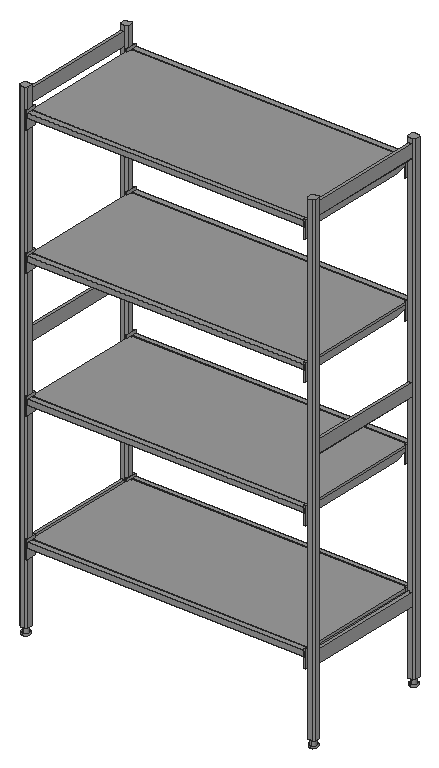
Revit family "QF_ELECTROLUXPROFESSIONAL_137033_BLS1038", category Attrezzature speciali, Revit 2020
Family settings
  Quota connettore circolare = Usa diametro
  Tipo di parte = Normale
  Basato su piano di lavoro = No
  Sempre verticale = Sì
  Taglio con vuoti quando caricato = No
  Condiviso = No
  Punto di calcolo locali = No
Parameters (values of type "Standard")
  Weight = 21.00 kg
  Watts = 0 W
  Volts = 0 V
  URL Manufacturer = "https://www.electroluxprofessional.com/"
  URL = "https://www.electroluxprofessional.com/"
  Steam Supply Size = 0 mm
  Steam Supply Minimum Pressure = 0.0 Pa
  Steam Supply Maximum Pressure = 0.0 Pa
  Steam Consumption per Hour = 0
  Refrigeration Suction Line Size = 0.0 mm
  Refrigeration Liquid Line Size = 0.0 mm
  Refrigerant Compressor Remote = yes
  Prospetto di default = 0.0 mm
  Phase = 0
  Modello = "BLS1038"
  Produttore = "Electrolux Professional"
  Length Actual = 1037.0 mm  # constant formula
  Item Number = "137033"
  Hot Water Size = 0 mm
  Height Actual = 1700.0 mm  # constant formula
  HP = "0 HP"
  Gas Size = 0 mm
  Gas KW = 0
  Gas Input Pressure = 0 W
  Direct Waste Size = 0 mm
  Descrizione = "ALUM.LINEAR SHELV.-POLY.TIERS-475X1037MM"
  Depth Actual = 475.0 mm  # constant formula
  Cycle = 0 Hz
  Condensate Return Size = 0 mm
  Compressed Air Volume = 0.0 L/s
  Compressed Air Size = 0 mm
  Compressed Air Pressure = 0.0 Pa
  Cold Water Size = 0 mm
  Accessory = yes
Reference planes
  plane 1: z = 0
  plane 2 "Center (Left/Right)": x = -31
  plane 3 "LEFT": x = -549.5
  plane 4 "RIGHT": x = 487.5
  plane 5 "BACK": y = 23
  plane 6 "FRONT": y = -452
  plane 7 "TOP": z = 1700
  plane 8: x = 482.5
  plane 9: x = -518
  plane 10: x = 456
  plane 11 "Center (Front/Back)": y = -214.5
  plane 12: x = 451
  plane 13: y = -8.5
  plane 14: y = -420.5
  plane 15 "FEET": z = 25
  plane 16: z = 275
  plane 17: z = 725
  plane 18: z = 1175
  plane 19: z = 1625
  plane 20 "CXLeft": x = -535.5
  plane 21 "CXRight": x = 473.5
  plane 22: y = 5.5
  plane 23 "CYBack": y = 5.5
  plane 24 "CYFront": y = -434.5
Forms (mm)
  Extrusion 1, solid, material "QF_Aluminum"
    sketch origin (-549.5, 0, 0) x (0, 1, 0) y (0, 0, 1)
      loop
        line (4, 1650.994) -> (4, 1632.998) -> (23, 1632.998) -> (23, 1650.994) -> (4, 1650.994)
      loop
        line (-433, 1650.994) -> (-452, 1650.994) -> (-452, 1632.998) -> (-433, 1632.998) -> (-433, 1650.994)
      loop
        line (4, 1200.994) -> (4, 1182.998) -> (23, 1182.998) -> (23, 1200.994) -> (4, 1200.994)
      loop
        line (-433, 1200.994) -> (-452, 1200.994) -> (-452, 1182.998) -> (-433, 1182.998) -> (-433, 1200.994)
      loop
        line (4, 750.994) -> (4, 732.998) -> (23, 732.998) -> (23, 750.994) -> (4, 750.994)
      loop
        line (-433, 750.994) -> (-452, 750.994) -> (-452, 732.998) -> (-433, 732.998) -> (-433, 750.994)
      loop
        line (4, 300.994) -> (4, 282.998) -> (23, 282.998) -> (23, 300.994) -> (4, 300.994)
      loop
        line (-433, 300.994) -> (-452, 300.994) -> (-452, 282.998) -> (-433, 282.998) -> (-433, 300.994)
    from 31.5 to 1005.5
  Extrusion 2, solid, material "QF_Polyethylene"
    sketch origin (-549.5, 0, 0) x (0, 1, 0) y (0, 0, 1)
      loop
        line (2.007, 1650.994) -> (-431, 1650.994) -> (-431, 1644.496) -> (2.007, 1644.496) -> (2.007, 1650.994)
      loop
        line (2.007, 1200.994) -> (-431, 1200.994) -> (-431, 1194.496) -> (2.007, 1194.496) -> (2.007, 1200.994)
      loop
        line (2.007, 750.994) -> (-431, 750.994) -> (-431, 744.496) -> (2.007, 744.496) -> (2.007, 750.994)
      loop
        line (2.007, 300.994) -> (-431, 300.994) -> (-431, 294.496) -> (2.007, 294.496) -> (2.007, 300.994)
    from 31.5 to 1005.5
  Extrusion 3, solid, material "QF_Aluminum"
    sketch origin (487.5, 0, 0) x (0, 1, 0) y (0, 0, 1)
      loop
        line (-12, 1632.998) -> (4, 1632.998) -> (4, 1650.994) -> (2.007, 1650.994) -> (2.007, 1644.496) -> (-431, 1644.496) -> (-431, 1650.994) -> (-433, 1650.994) -> (-433, 1632.998) -> (-417, 1632.998) -> (-383, 1620.994) -> (-46, 1620.994) -> (-12, 1632.998)
      loop
        line (-12, 1182.998) -> (4, 1182.998) -> (4, 1200.994) -> (2.007, 1200.994) -> (2.007, 1194.496) -> (-431, 1194.496) -> (-431, 1200.994) -> (-433, 1200.994) -> (-433, 1182.998) -> (-417, 1182.998) -> (-383, 1170.994) -> (-46, 1170.994) -> (-12, 1182.998)
      loop
        line (-12, 732.998) -> (4, 732.998) -> (4, 750.994) -> (2.007, 750.994) -> (2.007, 744.496) -> (-431, 744.496) -> (-431, 750.994) -> (-433, 750.994) -> (-433, 732.998) -> (-417, 732.998) -> (-383, 720.994) -> (-46, 720.994) -> (-12, 732.998)
      loop
        line (-12, 282.998) -> (4, 282.998) -> (4, 300.994) -> (2.007, 300.994) -> (2.007, 294.496) -> (-431, 294.496) -> (-431, 300.994) -> (-433, 300.994) -> (-433, 282.998) -> (-417, 282.998) -> (-383, 270.994) -> (-46, 270.994) -> (-12, 282.998)
    from -31.5 to -36.5
Lines and regions (mm)
  symbolic lines
    curve 1: line (456, 4, 1700) -> (-518, 4, 1700)
    curve 2: line (-522, 23, 1700) -> (460, 23, 1700)
    curve 3: line (460, 13.246, 1700) -> (466.254, 19.5, 1700)
    curve 4: line (466.254, -8.5, 1700) -> (460, -2.246, 1700)
    curve 5: line (466.254, -420.5, 1700) -> (460, -426.754, 1700)
    curve 6: line (-522, -452, 1700) -> (460, -452, 1700)
    curve 7: line (460, 23, 1700) -> (460, -12.993, 1700)
    curve 8: line (460, -12.993, 1700) -> (456, -12.993, 1700)
    curve 9: line (460, -452, 1700) -> (460, -416.007, 1700)
    curve 10: line (460, -416.007, 1700) -> (456, -416.007, 1700)
    curve 11: line (-518, -12.993, 1700) -> (-518, -416.007, 1700)
    curve 12: line (-518, -433, 1700) -> (456, -433, 1700)
    curve 13: line (456, -12.993, 1700) -> (456, -416.007, 1700)
Dimensions and locks
  locked: plane 3 "LEFT" to plane 4 "RIGHT" at 1037
  equal spacing: plane 3 "LEFT", plane 2 "Center (Left/Right)", plane 4 "RIGHT"
  locked: plane 7 "TOP" to level at 1700
  locked: plane 5 "BACK" to plane 6 "FRONT" at 475
  locked: plane 4 "RIGHT" to plane 8 at 5
  locked: plane 9 to plane 10 at 974
  locked: plane 3 "LEFT" to plane 9 at 31.5
  plane 12 to plane 10 = 5.0 mm
  locked: plane 13 to plane 14 at 412
  equal spacing: plane 13, plane 11 "Center (Front/Back)", plane 14
  equal spacing: plane 5 "BACK", plane 11 "Center (Front/Back)", plane 6 "FRONT"
  plane 15 "FEET" to level = 25.0 mm
  plane 7 "TOP" to plane 15 "FEET" = 1675.0 mm
  plane 16 to plane 15 "FEET" = 250.0 mm
  plane 17 to plane 16 = 450.0 mm
  plane 18 to plane 17 = 450.0 mm
  plane 19 to plane 18 = 450.0 mm
  locked: plane 3 "LEFT" to plane 20 "CXLeft" at 14
  locked: plane 21 "CXRight" to plane 4 "RIGHT" at 14
  locked: plane 5 "BACK" to plane 23 "CYBack" at 17.5
  locked: plane 24 "CYFront" to plane 6 "FRONT" at 17.5
  aligned and locked: level to plane 1
  aligned and locked: plane 9 to Extrusion 2
  aligned and locked: Extrusion 2 to plane 10
  aligned and locked: plane 9 to Extrusion 1
  aligned and locked: Extrusion 1 to plane 10
  aligned and locked: Extrusion 1 sketch curve to Extrusion 1 sketch curve  (x2)
  aligned and locked: Extrusion 3 sketch curve to Extrusion 3 sketch curve  (x3)
  aligned and locked: Extrusion 3 to plane 12
  aligned and locked: Extrusion 3 to plane 10
  aligned and locked: nested 1 to plane 20 "CXLeft"
  aligned and locked: nested 2 to plane 21 "CXRight"
Automatic sketch dimensions
  Extrusion 1 sketch curve to plane 6 "FRONT" = 0.0 mm  (x4)
  Extrusion 1 sketch curve to plane 5 "BACK" = 0.0 mm  (x4)
  plane 24 "CYFront" to Extrusion 1 sketch curve = 1.5 mm  (x2)
  plane 22 to Extrusion 1 sketch curve = 1.5 mm  (x4)
  plane 16 to Extrusion 1 sketch curve = 7.998 mm  (x2)
  Extrusion 1 sketch curve to Extrusion 1 sketch curve = 17.997 mm  (x8)
  plane 17 to Extrusion 1 sketch curve = 7.998 mm  (x2)
  plane 18 to Extrusion 1 sketch curve = 7.998 mm  (x2)
  plane 19 to Extrusion 1 sketch curve = 7.998 mm  (x2)
  plane 24 "CYFront" to Extrusion 2 sketch curve = 3.5 mm  (x4)
  plane 22 to Extrusion 2 sketch curve = 3.493 mm  (x4)
  plane 16 to Extrusion 2 sketch curve = 19.496 mm
  Extrusion 2 sketch curve to Extrusion 2 sketch curve = 6.499 mm  (x4)
  plane 17 to Extrusion 2 sketch curve = 19.496 mm
  plane 18 to Extrusion 2 sketch curve = 19.496 mm
  plane 19 to Extrusion 2 sketch curve = 19.496 mm
  plane 24 "CYFront" to Extrusion 3 sketch curve = 1.5 mm  (x4)
  Extrusion 3 sketch curve to Extrusion 3 sketch curve = 2.0 mm
  plane 14 to Extrusion 3 sketch curve = 3.5 mm  (x4)
  Extrusion 3 sketch curve to plane 16 = 4.006 mm
  Extrusion 3 sketch curve to Extrusion 3 sketch curve = 34.0 mm  (x4)
  Extrusion 3 sketch curve to plane 17 = 4.006 mm
  Extrusion 3 sketch curve to plane 18 = 4.006 mm
  Extrusion 3 sketch curve to plane 19 = 4.006 mm
  Extrusion 3 sketch curve to plane 13 = 37.5 mm  (x4)
  Extrusion 3 sketch curve to plane 13 = 3.5 mm  (x4)
  plane 22 to Extrusion 3 sketch curve = 3.493 mm  (x4)
  plane 22 to Extrusion 3 sketch curve = 1.5 mm  (x4)
  plane 16 to Extrusion 3 sketch curve = 7.998 mm  (x2)
  Extrusion 3 sketch curve to Extrusion 3 sketch curve = 11.498 mm  (x4)
  Extrusion 3 sketch curve to Extrusion 3 sketch curve = 6.499 mm  (x8)
  plane 17 to Extrusion 3 sketch curve = 7.998 mm  (x2)
  plane 18 to Extrusion 3 sketch curve = 7.998 mm  (x2)
  plane 19 to Extrusion 3 sketch curve = 7.998 mm  (x2)
  curve 6 to plane 6 "FRONT" = 0.0 mm
  curve 12 to plane 9 = 0.0 mm
  curve 12 to plane 10 = 0.0 mm
  curve 5 to plane 14 = 0.0 mm
  curve 11 to plane 9 = 0.0 mm
  curve 8 to plane 10 = 0.0 mm
  curve 4 to plane 13 = 0.0 mm
  curve 1 to plane 9 = 0.0 mm
  curve 1 to plane 10 = 0.0 mm
  curve 2 to plane 5 "BACK" = 0.0 mm
  plane 14 to curve 10 = 4.493 mm
  curve 7 to plane 13 = 4.493 mm
  curve 10 to plane 10 = 4.0 mm
  curve 7 to plane 10 = 4.0 mm
  plane 24 "CYFront" to curve 12 = 1.5 mm
  curve 5 to plane 14 = 6.254 mm
  plane 14 to curve 11 = 4.493 mm
  curve 11 to plane 13 = 4.493 mm
  plane 13 to curve 4 = 6.254 mm
  plane 22 to curve 1 = 1.5 mm
  curve 3 to plane 22 = 7.746 mm
  curve 3 to plane 5 "BACK" = 3.5 mm
  curve 5 to curve 9 = 6.254 mm
  curve 3 to curve 2 = 6.254 mm
  curve 4 to curve 7 = 6.254 mm
  plane 9 to curve 2 = 4.0 mm
  plane 9 to curve 6 = 4.0 mm
Nested families
  nested 1: "WT_Anta475" at (-132.5, 0, 0), type "WT_Anta475"
  nested 2: "WT_Anta475" at (70.5, 0, 0) x (-1, 0, 0) z (0, 0, 1), type "WT_Anta475"
Definition of nested family "WT_Anta475"
  Parameters
    WidthLeft = A + 64.0 mm  # 772.0 mm
    Width = 1606.0 mm
    Right = WidthLeft / 2  # 386.0 mm
    Default Elevation = 0.0 mm
    Left = -WidthLeft / 2  # -386.0 mm
    Height = 1725.0 mm
    FEET = 25.0 mm
    E = 0.0 mm
    Dint = Depth - 63.0 mm  # 412.0 mm
    Dext = Depth - 8.0 mm  # 467.0 mm
    Depth = 475.0 mm
    DX = (WidthLeft - A) / 2  # 32.0 mm
    B = 798.0 mm
    A = 708.0 mm
  Reference planes
    plane 1: z = 0
    plane 2 "LEFT": x = -417
    plane 3 "BACK": y = 23
    plane 4 "FRONT": y = -452
    plane 5 "TOP": z = 1725
    plane 6 "Center (Front/Back)": y = -214.5
    plane 7: y = -8.5
    plane 8: y = -420.5
    plane 9 "FEET": z = 25
    plane 10: z = 275
    plane 11: z = 725
    plane 12: z = 1175
    plane 13: z = 1625
    plane 14 "CXLeft": x = -403
    plane 15: y = 5.5
    plane 16 "CYBack": y = 5.5
    plane 17 "CYFront": y = -434.5
    plane 18: x = -385.031
    plane 19: x = -380.031
  Forms (mm)
    Extrusion 1, solid
      sketch origin (0, 0, 0) x (1, 0, 0) y (0, 1, 0)
        loop
          line (-417, 13.246) -> (-417, -2.246) -> (-410.746, -8.5) -> (-395.254, -8.5) -> (-389, -2.246) -> (-389, 13.246) -> (-395.254, 19.5) -> (-410.746, 19.5) -> (-417, 13.246)
      from 1725 to 25
    Extrusion 2, solid
      sketch origin (-417, 0, 0) x (0, 1, 0) y (0, 0, 1)
        loop
          line (23, 246.005) -> (23, 307.993) -> (-12.993, 307.993) -> (-12.993, 246.005) -> (23, 246.005)
        loop
          line (-452, 246.005) -> (-416.007, 246.005) -> (-416.007, 307.993) -> (-452, 307.993) -> (-452, 246.005)
        loop
          line (23, 696.005) -> (23, 757.993) -> (-12.993, 757.993) -> (-12.993, 696.005) -> (23, 696.005)
        loop
          line (-452, 696.005) -> (-416.007, 696.005) -> (-416.007, 757.993) -> (-452, 757.993) -> (-452, 696.005)
        loop
          line (23, 1146.005) -> (23, 1207.993) -> (-12.993, 1207.993) -> (-12.993, 1146.005) -> (23, 1146.005)
        loop
          line (-452, 1146.005) -> (-416.007, 1146.005) -> (-416.007, 1207.993) -> (-452, 1207.993) -> (-452, 1146.005)
        loop
          line (23, 1596.005) -> (23, 1657.993) -> (-12.993, 1657.993) -> (-12.993, 1596.005) -> (23, 1596.005)
        loop
          line (-452, 1596.005) -> (-416.007, 1596.005) -> (-416.007, 1657.993) -> (-452, 1657.993) -> (-452, 1596.005)
      from 28 to 32
    Revolve 3, solid
      sketch origin (-403, 0, 0) x (0, 1, 0) y (0, 0, 1)
        loop
          line (5.5, 25) -> (5.5, 0) -> (19, 0) -> (19, 5) -> (14, 5) -> (14, 25) -> (5.5, 25)
        axis (5.5, 25) -> (5.5, 0)
      angle from 0 to 360
    Extrusion 4, solid
      sketch origin (-403, 0, 0) x (0, 1, 0) y (0, 0, 1)
        loop
          line (-8.5, 912.382) -> (-8.5, 957.374) -> (-420.5, 957.374) -> (-420.5, 912.382) -> (-8.5, 912.382)
        loop
          line (-8.5, 1662.244) -> (-8.5, 1707.236) -> (-420.5, 1707.236) -> (-420.5, 1662.244) -> (-8.5, 1662.244)
      from -5 to 5
    Revolve 5, solid
      sketch origin (-403, -627, 0) x (0, -1, 0) y (0, 0, 1)
        loop
          line (-192.5, 25) -> (-192.5, 0) -> (-179, 0) -> (-179, 5) -> (-184, 5) -> (-184, 25) -> (-192.5, 25)
        axis (-192.5, 25) -> (-192.5, 0)
      angle from 0 to 360
    Extrusion 6, solid
      sketch origin (0, -627, 0) x (1, 0, 0) y (0, 1, 0)
        loop
          line (-417, 184.754) -> (-410.746, 178.5) -> (-395.254, 178.5) -> (-389, 184.754) -> (-389, 200.246) -> (-395.254, 206.5) -> (-410.746, 206.5) -> (-417, 200.246) -> (-417, 184.754)
      from 1725 to 25
    Extrusion 7, solid
      sketch origin (-417.031, -0.022, 0) x (0, 1, 0) y (0, 0, -1)
        loop
          line (-12, -1632.998) -> (-46, -1620.994) -> (-383, -1620.994) -> (-417, -1632.998) -> (-433, -1632.998) -> (-433, -1650.994) -> (-431, -1650.994) -> (-431, -1644.496) -> (2.007, -1644.496) -> (2.007, -1650.994) -> (4, -1650.994) -> (4, -1632.998) -> (-12, -1632.998)
        loop
          line (-12, -1182.998) -> (-46, -1170.994) -> (-383, -1170.994) -> (-417, -1182.998) -> (-433, -1182.998) -> (-433, -1200.994) -> (-431, -1200.994) -> (-431, -1194.496) -> (2.007, -1194.496) -> (2.007, -1200.994) -> (4, -1200.994) -> (4, -1182.998) -> (-12, -1182.998)
        loop
          line (-12, -732.998) -> (-46, -720.994) -> (-383, -720.994) -> (-417, -732.998) -> (-433, -732.998) -> (-433, -750.994) -> (-431, -750.994) -> (-431, -744.496) -> (2.007, -744.496) -> (2.007, -750.994) -> (4, -750.994) -> (4, -732.998) -> (-12, -732.998)
        loop
          line (-12, -282.998) -> (-46, -270.994) -> (-383, -270.994) -> (-417, -282.998) -> (-433, -282.998) -> (-433, -300.994) -> (-431, -300.994) -> (-431, -294.496) -> (2.007, -294.496) -> (2.007, -300.994) -> (4, -300.994) -> (4, -282.998) -> (-12, -282.998)
      from -32 to -37
    Extrusion 8, solid
      sketch origin (-403, 0, -659.878) x (0, 1, 0) y (0, 0, 1)
        loop
          line (-8.5, 912.382) -> (-8.5, 957.374) -> (-420.5, 957.374) -> (-420.5, 912.382) -> (-8.5, 912.382)
        loop
          line (-8.5, 1572.382) -> (-8.5, 1617.374) -> (-420.5, 1617.374) -> (-420.5, 1572.382) -> (-8.5, 1572.382)
        loop
          line (-8.5, 2322.382) -> (-8.5, 2367.374) -> (-420.5, 2367.374) -> (-420.5, 2322.382) -> (-8.5, 2322.382)
      from -5 to 5
  Lines and regions (mm)
    symbolic lines
      curve 1: line (-408, -8.5, 1725) -> (-408, -420.5, 1725)
      curve 2: line (-398, -420.5, 1725) -> (-398, -8.5, 1725)
      curve 3: line (-395.254, -8.5, 1725) -> (-410.746, -8.5, 1725)
      curve 4: line (-417, -2.246, 1725) -> (-410.746, -8.5, 1725)
      curve 5: line (-417, 13.246, 1725) -> (-417, -2.246, 1725)
      curve 6: line (-410.746, 19.5, 1725) -> (-417, 13.246, 1725)
      curve 7: line (-395.254, 19.5, 1725) -> (-410.746, 19.5, 1725)
      curve 8: line (-389, 13.246, 1725) -> (-395.254, 19.5, 1725)
      curve 9: line (-395.254, -8.5, 1725) -> (-389, -2.246, 1725)
      curve 10: line (-395.254, -420.5, 1725) -> (-410.746, -420.5, 1725)
      curve 11: line (-417, -426.754, 1725) -> (-410.746, -420.5, 1725)
      curve 12: line (-410.746, -448.5, 1725) -> (-417, -442.246, 1725)
      curve 13: line (-395.254, -448.5, 1725) -> (-410.746, -448.5, 1725)
      curve 14: line (-389, -442.246, 1725) -> (-395.254, -448.5, 1725)
      curve 15: line (-395.254, -420.5, 1725) -> (-389, -426.754, 1725)
      curve 16: line (-389, -452, 1725) -> (-389, -416.007, 1725)
      curve 17: line (-389, -416.007, 1725) -> (-385, -416.007, 1725)
      curve 18: line (-389, 23, 1725) -> (-389, -12.993, 1725)
      curve 19: line (-389, -12.993, 1725) -> (-385, -12.993, 1725)
      curve 20: line (-417, -426.754, 1725) -> (-417, -442.246, 1725)
      curve 21: line (-385, -452, 1725) -> (-385, -416.007, 1725)
      curve 22: line (-385, -452, 1725) -> (-389, -452, 1725)
      curve 23: line (-385, 23, 1725) -> (-389, 23, 1725)
      curve 24: line (-385, -12.993, 1725) -> (-385, 23, 1725)
      curve 25: line (-385.031, -13.016, 1725) -> (-385.031, -416.029, 1725)
  Dimensions and locks
    "Height": plane 5 "TOP" to level
    "Depth": plane 3 "BACK" to plane 4 "FRONT"
    "Dint": plane 7 to plane 8
    equal spacing: plane 7, plane 6 "Center (Front/Back)", plane 8
    equal spacing: plane 3 "BACK", plane 6 "Center (Front/Back)", plane 4 "FRONT"
    plane 9 "FEET" to level = 25.0 mm
    plane 5 "TOP" to plane 9 "FEET" = 1700.0 mm
    plane 10 to plane 9 "FEET" = 250.0 mm
    plane 11 to plane 10 = 450.0 mm
    plane 12 to plane 11 = 450.0 mm
    plane 13 to plane 12 = 450.0 mm
    locked: plane 2 "LEFT" to plane 14 "CXLeft" at 14
    locked: plane 3 "BACK" to plane 16 "CYBack" at 17.5
    locked: plane 17 "CYFront" to plane 4 "FRONT" at 17.5
    locked: Revolve 3 sketch curve to Revolve 3 sketch curve at 8.5
    locked: Revolve 3 sketch curve to plane 16 "CYBack" at 13.5
    locked: Revolve 5 sketch curve to Revolve 5 sketch curve at 8.5
    aligned and locked: level to plane 1
    aligned and locked: curve 20 to Extrusion 6
    aligned and locked: plane 5 "TOP" to Extrusion 1
    aligned and locked: plane 5 "TOP" to Extrusion 6
    aligned and locked: Extrusion 7 sketch curve to Extrusion 7 sketch curve  (x3)
  Automatic sketch dimensions
    curve 16 to plane 4 "FRONT" = 0.0 mm
    curve 11 to plane 8 = 0.0 mm
    curve 9 to plane 7 = 0.0 mm
    curve 5 to plane 2 "LEFT" = 0.0 mm
    curve 23 to plane 3 "BACK" = 0.0 mm
    plane 4 "FRONT" to curve 13 = 3.5 mm
    curve 20 to plane 17 "CYFront" = 7.746 mm
    curve 20 to plane 8 = 6.254 mm
    plane 8 to curve 16 = 4.493 mm
    curve 24 to plane 18 = 0.031 mm
    curve 24 to plane 7 = 4.493 mm
    plane 7 to curve 5 = 6.254 mm
    curve 5 to plane 15 = 7.746 mm
    curve 6 to plane 3 "BACK" = 3.5 mm
    curve 21 to plane 18 = 0.031 mm
    plane 18 to curve 23 = 3.969 mm
    plane 18 to curve 16 = 3.969 mm
    curve 18 to curve 8 = 6.254 mm
    curve 18 to curve 3 = 6.254 mm
    curve 16 to curve 13 = 6.254 mm
    curve 16 to curve 15 = 6.254 mm
    plane 2 "LEFT" to curve 10 = 6.254 mm
    plane 2 "LEFT" to curve 7 = 6.254 mm
    plane 2 "LEFT" to curve 12 = 6.254 mm
    plane 2 "LEFT" to curve 3 = 6.254 mm
    curve 14 to plane 17 "CYFront" = 7.746 mm
    curve 15 to plane 8 = 6.254 mm
    plane 7 to curve 9 = 6.254 mm
    curve 8 to plane 15 = 7.746 mm
    curve 3 to curve 2 = 2.746 mm
    curve 1 to curve 10 = 2.746 mm
    Extrusion 1 sketch curve to plane 2 "LEFT" = 0.0 mm
    Extrusion 1 sketch curve to plane 7 = 0.0 mm
    plane 2 "LEFT" to Extrusion 1 sketch curve = 6.254 mm  (x2)
    plane 14 "CXLeft" to Extrusion 1 sketch curve = 7.746 mm  (x2)
    Extrusion 1 sketch curve to plane 3 "BACK" = 3.5 mm
    plane 18 to Extrusion 1 sketch curve = 3.969 mm
    plane 7 to Extrusion 1 sketch curve = 6.254 mm  (x2)
    Extrusion 1 sketch curve to plane 15 = 7.746 mm  (x2)
    Extrusion 2 sketch curve to plane 4 "FRONT" = 0.0 mm  (x4)
    Extrusion 2 sketch curve to plane 3 "BACK" = 0.0 mm  (x4)
    plane 8 to Extrusion 2 sketch curve = 4.493 mm  (x4)
    Extrusion 2 sketch curve to plane 7 = 4.493 mm  (x4)
    Extrusion 2 sketch curve to plane 10 = 28.995 mm  (x2)
    plane 10 to Extrusion 2 sketch curve = 32.993 mm  (x2)
    Extrusion 2 sketch curve to plane 11 = 28.995 mm  (x2)
    plane 11 to Extrusion 2 sketch curve = 32.993 mm  (x2)
    Extrusion 2 sketch curve to plane 12 = 28.995 mm  (x2)
    plane 12 to Extrusion 2 sketch curve = 32.993 mm  (x2)
    Extrusion 2 sketch curve to plane 13 = 28.995 mm  (x2)
    plane 13 to Extrusion 2 sketch curve = 32.993 mm  (x2)
    Revolve 3 sketch curve to plane 9 "FEET" = 0.0 mm  (x2)
    Revolve 3 sketch curve to plane 15 = 0.0 mm  (x2)
    Revolve 3 sketch curve to level = 0.0 mm
    level to Revolve 3 sketch curve = 5.0 mm
    Revolve 3 sketch curve to Revolve 3 sketch curve = 11.655 mm
    Extrusion 4 sketch curve to plane 8 = 0.0 mm  (x2)
    Extrusion 4 sketch curve to plane 7 = 0.0 mm  (x2)
    plane 11 to Extrusion 4 sketch curve = 187.382 mm
    Extrusion 4 sketch curve to Extrusion 4 sketch curve = 44.992 mm
    plane 13 to Extrusion 4 sketch curve = 37.244 mm
    Extrusion 4 sketch curve to plane 5 "TOP" = 17.764 mm
    Revolve 5 sketch curve to plane 9 "FEET" = 0.0 mm  (x2)
    Revolve 5 sketch curve to plane 17 "CYFront" = 0.0 mm  (x2)
    Revolve 5 sketch curve to level = 0.0 mm
    Revolve 5 sketch curve to plane 4 "FRONT" = 4.0 mm
    Revolve 5 sketch curve to Revolve 5 sketch curve = 5.0 mm
    level to Revolve 5 sketch curve = 11.655 mm
    Extrusion 6 sketch curve to plane 2 "LEFT" = 0.0 mm
    Extrusion 6 sketch curve to plane 8 = 0.0 mm
    Extrusion 6 sketch curve to plane 2 "LEFT" = 6.254 mm  (x2)
    Extrusion 6 sketch curve to plane 14 "CXLeft" = 7.746 mm  (x2)
    Extrusion 6 sketch curve to plane 4 "FRONT" = 3.5 mm
    Extrusion 6 sketch curve to plane 18 = 3.969 mm
    plane 8 to Extrusion 6 sketch curve = 6.254 mm  (x2)
    plane 17 "CYFront" to Extrusion 6 sketch curve = 7.746 mm  (x2)
    plane 17 "CYFront" to Extrusion 7 sketch curve = 1.478 mm  (x4)
    Extrusion 7 sketch curve to Extrusion 7 sketch curve = 2.0 mm
    plane 8 to Extrusion 7 sketch curve = 3.478 mm  (x4)
    Extrusion 7 sketch curve to plane 10 = 4.006 mm
    Extrusion 7 sketch curve to Extrusion 7 sketch curve = 34.0 mm  (x4)
    Extrusion 7 sketch curve to plane 11 = 4.006 mm
    Extrusion 7 sketch curve to plane 12 = 4.006 mm
    Extrusion 7 sketch curve to plane 13 = 4.006 mm
    Extrusion 7 sketch curve to plane 7 = 37.522 mm  (x4)
    Extrusion 7 sketch curve to plane 7 = 3.522 mm  (x4)
    plane 15 to Extrusion 7 sketch curve = 3.516 mm  (x4)
    plane 15 to Extrusion 7 sketch curve = 1.522 mm  (x4)
    plane 13 to Extrusion 7 sketch curve = 7.998 mm  (x2)
    Extrusion 7 sketch curve to Extrusion 7 sketch curve = 11.498 mm
    Extrusion 7 sketch curve to Extrusion 7 sketch curve = 6.499 mm  (x5)
    plane 12 to Extrusion 7 sketch curve = 25.994 mm  (x2)
    plane 12 to Extrusion 7 sketch curve = 7.998 mm  (x2)
    plane 11 to Extrusion 7 sketch curve = 25.994 mm  (x2)
    plane 11 to Extrusion 7 sketch curve = 7.998 mm  (x2)
    plane 10 to Extrusion 7 sketch curve = 25.994 mm  (x2)
    plane 10 to Extrusion 7 sketch curve = 7.998 mm  (x2)
    curve 25 to plane 18 = 0.0 mm
    plane 8 to curve 25 = 4.471 mm
    curve 25 to plane 7 = 4.516 mm
    Extrusion 8 sketch curve to plane 8 = 0.0 mm  (x3)
    Extrusion 8 sketch curve to plane 7 = 0.0 mm  (x3)
    Extrusion 8 sketch curve to plane 10 = 22.496 mm
    plane 10 to Extrusion 8 sketch curve = 22.496 mm
    plane 11 to Extrusion 8 sketch curve = 187.504 mm
    Extrusion 8 sketch curve to Extrusion 8 sketch curve = 44.992 mm
    plane 13 to Extrusion 8 sketch curve = 37.504 mm
    Extrusion 8 sketch curve to plane 5 "TOP" = 17.504 mm
